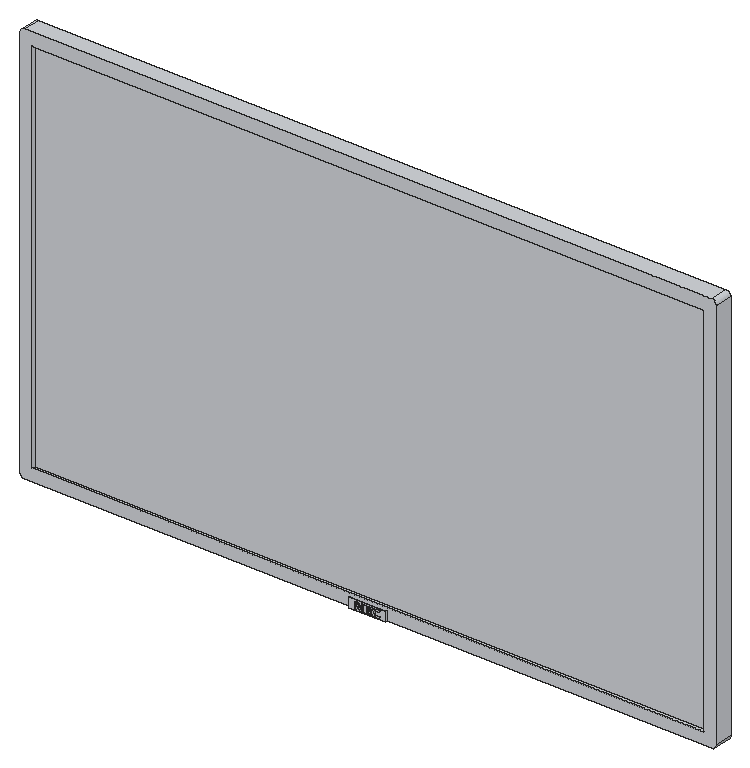
Revit family "P404", category Generic Models, Revit 2012
Parameters
  URL = "www.necdisplay.com"
  SENSORS- Temperature Sensor = "Integrated and programmable; linked to cooling fans"
  SENSORS- NFC Sensor = "Integrated; works in conjunction with free NEC Intelligent Wireless Data Application"
  SENSORS- Human Sensor = "Optional through KT-RC2 Accessory"
  SENSORS- Ambient Light Sensor = "Integrated and programmable"
  POWER CONSUMPTION- Speaker Rating = "Integrated 10W x 10W, Optional 15W x 2"
  POWER CONSUMPTION- On (Typ/Max) = "92W / 115W"
  POWER CONSUMPTION- Normal Standby = "< 0.5W"
  POWER CONSUMPTION- Network Standby = "3W"
  POWER CONSUMPTION- Current Rating = "2.9A - 1.2A @ 100V - 240V"
  PHYSICAL SPECS- Vesa Hole Configuration = "4x M6 x 12mm (300 x 300)"
  PHYSICAL SPECS- Net Weight (w/o Stand) = "31.5 lbs / 14.3 kg"
  PHYSICAL SPECS- Net Dimensions (w/o Stand, WxHxD) = "36.1 x 20.9 x 2.2 in. (918.0 x 530.6 x 54.7 mm)"
  PHYSICAL SPECS- Bezel Width = "13.2mm / 12.2mm/ 13.2mm/ 13.2mm"
  Model = "P404"  # constant formula
  Manufacturer = "NEC Display Solutions"  # constant formula
  LCD MODULE- Contras Ratio (Typical) = "4000:1"
  LCD MODULE- Viewing Angle = "178deg Vert., 178deg Hor (89U/89D/89L/89R) @ CR>10"
  LCD MODULE- Viewable Image Size = "40\""
  LCD MODULE- Panel Technology = "SPVA"
  LCD MODULE- Orientation = "Landscape, Portrait, Face Up, Face Down"
  LCD MODULE- Panel Haze = "25"
  LCD MODULE- Native Resolution = "-"
  LCD MODULE- Displayable Colors = "Over 1.07 Billion"
  LCD MODULE- Brightness (Typical/Minimum) = "550 cd/sqm / 700 cd/sqm"
  LCD MODULE- Aspect Ratio = "16 : 9"
  ENVIRONMENTAL CONDITIONS- Operating Temperature = "0 to 40 C"
  ENVIRONMENTAL CONDITIONS- Operating Humidity = "20 - 80%"
  ENVIRONMENTAL CONDITIONS- Operating Altitude = "3000m (9843ft)"
  Description = "40-in. Professional Displays Ideal for Digital Signage Applications"  # constant formula
  CONNECTIVITY- Output Terminals- External Control = "LAN (100mb)"
  CONNECTIVITY- Output Terminals- Digital = "DisplayPort (Outputs DisplayPort or OPS)"
  CONNECTIVITY- Output Terminals- Audio = "3.5mm Audio Mini Jack"
  CONNECTIVITY- Input Terminals- External Control = "LAN (100Mbit), 3.5 Mini Jack IR Remote, RS232C"
  CONNECTIVITY- Input Terminals- Digital = "HDMI 2.0 x2 (with HDCP), DVI-D (with HDCP), DisplayPort x2 (with HDCP)"
  CONNECTIVITY- Input Terminals- Data = "microSD (Media Player), USB 2.0 (Media Player), USB 2.0 (Service), USB Type-B (Upstream), USB 2.0 x2 (Compute Module, Powered 5V/2A)"
  CONNECTIVITY- Input Terminals- Audio = "3.5mm Audio Mini Jack x2, DisplayPort Audio x2, HDMI Audio x3"
  CONNECTIVITY- Input Terminals- Analog = "VGA 15-pin D-SUB, RCA Composite"
Reference planes (in)
  plane 1 "Center (Front/Back)": y = 0
  plane 2: z = 0
  plane 3 "Center (Left/Right)": x = 0
Forms (in)
  Extrusion 1, solid
    sketch origin (0, 0, 0) x (1, 0, 0) y (0, 0, 1)
      loop
        line (-18.07756, 20.65068) -> (-18.07756, 0.25)
        arc (-18.07756, 0.25) -> (-18.00434, 0.07322) -> (-17.82756, 0) r 0.25
        line (-17.82756, 0) -> (17.82756, 0)
        arc (17.82756, 0) -> (18.00434, 0.07322) -> (18.07756, 0.25) r 0.25
        line (18.07756, 0.25) -> (18.07756, 20.65068)
        arc (18.07756, 20.65068) -> (18.00434, 20.82746) -> (17.82756, 20.90068) r 0.25
        line (17.82756, 20.90068) -> (-17.82756, 20.90068)
        arc (-17.82756, 20.90068) -> (-18.00434, 20.82746) -> (-18.07756, 20.65068) r 0.25
    from 0 to 2.13283
  Extrusion 2, void
    sketch origin (0, 0, 0) x (0, 1, 0) y (0, 0, 1)
      loop
        line (-0.57764, 19.49274) -> (0, 17.37475) -> (1.5, 17.37475) -> (1.5, 21.87475) -> (-1.21456, 21.87475) -> (-1.21456, 20.62398)
        arc (-1.21456, 20.62398) -> (-0.83566, 20.09239) -> (-0.57764, 19.49274) r 3.07191
      loop
        line (-1.21456, 0.24718) -> (-1.21456, -1.97391) -> (1.5, -1.97391) -> (1.5, 3.52609) -> (0, 3.52609) -> (-0.57764, 1.37841)
        arc (-0.57764, 1.37841) -> (-0.83566, 0.77876) -> (-1.21456, 0.24718) r 3.07191
    from -20.28913 to 20.32771
  Extrusion 3, void
    sketch origin (0, 0, 0) x (1, 0, 0) y (0, 1, 0)
      loop
        line (-16.67711, -0.57764) -> (-14.55911, 0) -> (-14.55911, 1.25) -> (-19.55911, 1.25) -> (-19.55911, -1.21456) -> (-17.80834, -1.21456)
        arc (-17.80834, -1.21456) -> (-17.27675, -0.83566) -> (-16.67711, -0.57764) r 3.07191
      loop
        line (17.80834, -1.21456) -> (19.30911, -1.21456) -> (19.30911, 1.25) -> (14.55911, 1.25) -> (14.55911, 0) -> (16.67711, -0.57764)
        arc (16.67711, -0.57764) -> (17.27675, -0.83566) -> (17.80834, -1.21456) r 3.07191
    from -2.31426 to 21.87475
  Extrusion 4, void
    sketch origin (0, 0, 0) x (1, 0, 0) y (0, 0, 1)
      loop
        line (-17.44084, 20.26397) -> (-17.44084, 0.63672) -> (17.44084, 0.63672) -> (17.44084, 20.26397) -> (-17.44084, 20.26397)
    from 1.96829 to 2.49302
  Extrusion 5, void
    sketch origin (0, 0, 0) x (1, 0, 0) y (0, 0, 1)
      loop
        line (1.97721, 14.72346) -> (1.97721, 16.35277) -> (1.56246, 16.35277) -> (1.56246, 14.14582) -> (2.28824, 14.14582)
        arc (2.28824, 14.14582) -> (2.59421, 14.22313) -> (2.82145, 14.44211) r 0.61449
        line (2.82145, 14.44211) -> (3.9619, 15.73069) -> (3.9619, 14.14582) -> (4.37664, 14.14582) -> (4.37664, 16.35277) -> (3.60642, 16.35277)
        arc (3.60642, 16.35277) -> (3.43041, 16.28796) -> (3.28063, 16.17503) r 0.64199
        line (3.28063, 16.17503) -> (1.97721, 14.72346)
      loop
        line (-1.41462, 16.35277) -> (-1.41462, 16.04173) -> (0.27387, 16.04173) -> (0.27387, 15.47884) -> (-1.25164, 15.47884) -> (-1.25164, 15.1678) -> (0.27387, 15.1678) -> (0.27387, 14.70871)
        arc (0.27387, 14.70871) -> (0.16794, 14.52513) -> (-0.03717, 14.4717) r 0.27455
        line (-0.03717, 14.4717) -> (-1.42937, 14.4717) -> (-1.42937, 14.13107) -> (0.17025, 14.13107)
        arc (0.17025, 14.13107) -> (0.49037, 14.14231) -> (0.80708, 14.19025) r 2.78308
        arc (0.80708, 14.19025) -> (1.06595, 14.35496) -> (1.19223, 14.63459) r 0.53652
        line (1.19223, 14.63459) -> (1.19223, 16.35277) -> (-1.41462, 16.35277)
      loop
        arc (-2.37733, 16.31571) -> (-3.38087, 16.45908) -> (-4.3917, 16.38236) r 4.66657
        line (-4.3917, 16.38236) -> (-4.3917, 16.06018)
        arc (-4.3917, 16.06018) -> (-3.67838, 16.14501) -> (-2.96981, 16.02689) r 2.54199
        arc (-2.96981, 16.02689) -> (-2.55503, 15.27893) -> (-2.96981, 14.53097) r 0.88178
        arc (-2.96981, 14.53097) -> (-3.70002, 14.41118) -> (-4.43614, 14.48654) r 2.80452
        line (-4.43614, 14.48654) -> (-4.43614, 14.13107)
        arc (-4.43614, 14.13107) -> (-3.42678, 14.07254) -> (-2.42176, 14.18288) r 6.05192
        arc (-2.42176, 14.18288) -> (-1.59248, 15.23248) -> (-2.37733, 16.31571) r 1.10833
      loop
        arc (3.26579, 9.46717) -> (3.19257, 9.64394) -> (3.01579, 9.71717) r 0.25
        line (3.01579, 9.71717) -> (-3.01601, 9.71717)
        arc (-3.01601, 9.71717) -> (-3.19279, 9.64394) -> (-3.26601, 9.46717) r 0.25
        line (-3.26601, 9.46717) -> (-3.26601, 5.28684)
        arc (-3.26601, 5.28684) -> (-3.19279, 5.11007) -> (-3.01601, 5.03684) r 0.25
        line (-3.01601, 5.03684) -> (3.01579, 5.03684)
        arc (3.01579, 5.03684) -> (3.19257, 5.11007) -> (3.26579, 5.28684) r 0.25
        line (3.26579, 5.28684) -> (3.26579, 9.46717)
      loop
        line (13.07272, 15.83431) -> (7.24825, 15.83431)
        arc (7.24825, 15.83431) -> (7.07147, 15.76109) -> (6.99825, 15.58431) r 0.25
        line (6.99825, 15.58431) -> (6.99825, 9.89314)
        arc (6.99825, 9.89314) -> (7.07147, 9.71636) -> (7.24825, 9.64314) r 0.25
        line (7.24825, 9.64314) -> (13.07272, 9.64314)
        arc (13.07272, 9.64314) -> (13.2495, 9.71636) -> (13.32272, 9.89314) r 0.25
        line (13.32272, 9.89314) -> (13.32272, 15.58431)
        arc (13.32272, 15.58431) -> (13.2495, 15.76109) -> (13.07272, 15.83431) r 0.25
      loop
        arc (14.19656, 9.245) -> (14.12334, 9.42177) -> (13.94656, 9.495) r 0.25
        line (13.94656, 9.495) -> (6.84834, 9.495)
        arc (6.84834, 9.495) -> (6.67157, 9.42177) -> (6.59834, 9.245) r 0.25
        line (6.59834, 9.245) -> (6.59834, 5.42014)
        arc (6.59834, 5.42014) -> (6.67157, 5.24337) -> (6.84834, 5.17014) r 0.25
        line (6.84834, 5.17014) -> (13.94656, 5.17014)
        arc (13.94656, 5.17014) -> (14.12334, 5.24337) -> (14.19656, 5.42014) r 0.25
        line (14.19656, 5.42014) -> (14.19656, 9.245)
      loop
        line (-8.09634, 4.74056) -> (-8.09634, 16.16019)
        arc (-8.09634, 16.16019) -> (-8.44257, 16.50643) -> (-8.78881, 16.16019) r 0.34624
        line (-8.78881, 16.16019) -> (-8.78881, 4.74056)
        arc (-8.78881, 4.74056) -> (-8.44257, 4.39432) -> (-8.09634, 4.74056) r 0.34624
      loop
        circle (5.10243, 16.51566) r 0.37031
      loop
        circle (-5.1174, 16.51566) r 0.37031
      loop
        circle (-3.888, 8.39904) r 0.37031
      loop
        circle (3.87303, 8.39904) r 0.37031
    from 0 to 0.0251
  Extrusion 6, void
    sketch origin (0, 0, 0) x (1, 0, 0) y (0, 0, 1)
      loop
        line (9.49243, 1.30438) -> (5.9815, 1.30438)
        arc (5.9815, 1.30438) -> (5.87102, 1.25862) -> (5.82525, 1.14813) r 0.15625
        line (5.82525, 1.14813) -> (5.82525, 0.55711)
        arc (5.82525, 0.55711) -> (5.87102, 0.44663) -> (5.9815, 0.40086) r 0.15625
        line (5.9815, 0.40086) -> (9.4932, 0.40086)
        arc (9.4932, 0.40086) -> (9.60369, 0.44663) -> (9.64945, 0.55711) r 0.15625
        line (9.64945, 0.55711) -> (9.64945, 1.14736)
        arc (9.64945, 1.14736) -> (9.60346, 1.25839) -> (9.49243, 1.30438) r 0.15702
    from 0 to 1.21456
  Extrusion 7, solid
    sketch origin (0, -1.21456, 0) x (-1, 0, 0) y (0, 0, 1)
      loop
        circle (-9.17309, 0.87062) r 0.15232
      loop
        circle (-8.77318, 0.87062) r 0.15232
      loop
        circle (-8.38807, 0.87062) r 0.15232
      loop
        circle (-7.98817, 0.87062) r 0.15232
      loop
        circle (-7.59568, 0.87062) r 0.15232
      loop
        circle (-7.2032, 0.87062) r 0.15232
      loop
        circle (-6.80329, 0.87062) r 0.15232
      loop
        circle (-6.40338, 0.87062) r 0.15232
    from 0.04253 to 0.21072
  Extrusion 8, void
    sketch origin (0, -0.0251, 0) x (1, 0, 0) y (0, 0, 1)
      loop
        circle (5.10243, 16.51566) r 0.22578
      loop
        circle (-5.1174, 16.51566) r 0.22578
      loop
        circle (-3.888, 8.39904) r 0.22578
      loop
        circle (3.87303, 8.39904) r 0.22578
    from 0 to 0.55254
  Extrusion 9, void
    sketch origin (0, 0, 0) x (0, 1, 0) y (0, 0, 1)
      loop
        line (-1.21456, 16.09745) -> (-1.21456, 4.70547) -> (0.31121, 4.70547) -> (0.31121, 16.09745) -> (-1.21456, 16.09745)
    from 15.33726 to 20.32771
  Extrusion 10, void
    sketch origin (15.33726, 0, 0) x (0, -1, 0) y (0, 0, 1)
      loop
        line (1.1761, 10.93035) -> (0.73333, 10.93035) -> (0.73333, 10.33375) -> (1.1761, 10.33375) -> (1.1761, 10.93035)
      loop
        line (1.1761, 9.60226) -> (1.1761, 10.19886) -> (0.73333, 10.19886) -> (0.73333, 9.60226) -> (1.1761, 9.60226)
      loop
        circle (0.97789, 9.23768) r 0.22996
      loop
        line (1.15682, 8.73624) -> (0.69487, 8.73624) -> (0.69487, 8.48598) -> (1.15682, 8.48598) -> (1.15682, 8.73624)
      loop
        line (0.98359, 7.44661) -> (1.15682, 7.44661) -> (1.15682, 8.07214) -> (0.98359, 8.07214) -> (0.98359, 7.44661)
      loop
        line (0.69487, 11.08441) -> (1.15682, 11.08441) -> (1.15682, 11.33466) -> (0.69487, 11.33466) -> (0.69487, 11.08441)
      loop
        line (0.69487, 11.46932) -> (1.15682, 11.46932) -> (1.15682, 11.71958) -> (0.69487, 11.71958) -> (0.69487, 11.46932)
      loop
        line (0.81036, 11.85423) -> (1.1761, 11.85423) -> (1.1761, 12.25843) -> (0.81036, 12.25843) -> (0.81036, 11.85423)
      loop
        line (0.69487, 12.64346) -> (0.69487, 12.39321) -> (1.15682, 12.39321) -> (1.15682, 12.64346) -> (0.69487, 12.64346)
      loop
        circle (0.97535, 13.03358) r 0.15914
      loop
        line (0.81036, 13.37483) -> (1.13753, 13.37483) -> (1.13753, 13.68283) -> (0.81036, 13.68283) -> (0.81036, 13.37483)
      loop
        line (1.09907, 15.68455) -> (0.48319, 15.68455) -> (0.48319, 14.04846) -> (1.09907, 14.04846) -> (1.09907, 15.68455)
      loop
        line (1.1761, 5.7335) -> (0.9643, 5.7335) -> (0.9643, 5.1369) -> (1.1761, 5.1369) -> (1.1761, 5.7335)
      loop
        line (0.84882, 6.25318) -> (1.11836, 6.27247) -> (1.15682, 6.31092) -> (1.15682, 6.88847) -> (1.11836, 6.92692) -> (0.84882, 6.94621) -> (0.81036, 6.90764) -> (0.81036, 6.29175) -> (0.84882, 6.25318)
    from 0 to 0.29636
  Extrusion 11, solid
    sketch origin (0, 0, 0) x (1, 0, 0) y (0, 0, 1)
      loop
        line (-0.62552, 0.35099) -> (-0.62552, 0.03287) -> (-0.56574, 0.03287) -> (-0.56574, 0.26132) -> (-0.3892, 0.06185)
        arc (-0.3892, 0.06185) -> (-0.36013, 0.04045) -> (-0.32484, 0.03287) r 0.08594
        line (-0.32484, 0.03287) -> (-0.21987, 0.03287) -> (-0.21987, 0.35099) -> (-0.27965, 0.35099) -> (-0.27965, 0.11613) -> (-0.45743, 0.31411)
        arc (-0.45743, 0.31411) -> (-0.49484, 0.34135) -> (-0.54011, 0.35099) r 0.11112
        line (-0.54011, 0.35099) -> (-0.62552, 0.35099)
      loop
        line (0.20927, 0.35099) -> (-0.1665, 0.35099) -> (-0.1665, 0.11576)
        arc (-0.1665, 0.11576) -> (-0.1416, 0.05564) -> (-0.08147, 0.03074) r 0.08502
        line (-0.08147, 0.03074) -> (0.2114, 0.03074) -> (0.2114, 0.07984) -> (-0.00228, 0.07984)
        arc (-0.00228, 0.07984) -> (-0.02479, 0.08917) -> (-0.03412, 0.11168) r 0.03184
        line (-0.03412, 0.11168) -> (-0.03412, 0.18018) -> (0.18578, 0.18018) -> (0.18578, 0.22502) -> (-0.03412, 0.22502) -> (-0.03412, 0.30616) -> (0.20927, 0.30616) -> (0.20927, 0.35099)
      loop
        arc (0.63841, 0.35526) -> (0.4927, 0.36632) -> (0.34805, 0.34565) r 0.67267
        arc (0.34805, 0.34565) -> (0.23491, 0.18951) -> (0.35445, 0.03821) r 0.15976
        arc (0.35445, 0.03821) -> (0.49932, 0.0223) -> (0.64482, 0.03074) r 0.87237
        line (0.64482, 0.03074) -> (0.64482, 0.08198)
        arc (0.64482, 0.08198) -> (0.53871, 0.07112) -> (0.43345, 0.08838) r 0.40427
        arc (0.43345, 0.08838) -> (0.37366, 0.1962) -> (0.43345, 0.30402) r 0.12711
        arc (0.43345, 0.30402) -> (0.53559, 0.32104) -> (0.63841, 0.30882) r 0.36642
        line (0.63841, 0.30882) -> (0.63841, 0.35526)
    from 2.181 to 2.20958
  Extrusion 12, solid
    sketch origin (0, 0, 0) x (0, 1, 0) y (0, 0, 1)
      loop
        line (-2.181, 0.438) -> (-2.181, -0.04898) -> (-1.96891, -0.04898) -> (-1.96891, 0) -> (-2.13283, 0) -> (-2.13283, 0.438) -> (-2.181, 0.438)
    from -0.97198 to 0.97198
  Extrusion 13, void
    sketch origin (0, -1.21456, 20.90068) x (0, 0, 1) y (-1, 0, 0)
      loop
        line (-1.01537, -17.68859) -> (-1.96805, -17.68859)
        arc (-1.96805, -17.68859) -> (-2.03033, -17.67814) -> (-2.08579, -17.64796) r 0.19094
        line (-2.08579, -17.64796) -> (-2.23635, -17.53003)
        arc (-2.23635, -17.53003) -> (-2.27339, -17.49152) -> (-2.29831, -17.44425) r 0.19094
        line (-2.29831, -17.44425) -> (-2.4624, -16.98731)
        arc (-2.4624, -16.98731) -> (-2.53225, -16.89567) -> (-2.6421, -16.8609) r 0.19094
        line (-2.6421, -16.8609) -> (-3.55112, -16.8609)
        arc (-3.55112, -16.8609) -> (-3.66042, -16.89528) -> (-3.73036, -16.98603) r 0.19094
        line (-3.73036, -16.98603) -> (-3.78688, -17.13997)
        arc (-3.78688, -17.13997) -> (-3.85682, -17.23072) -> (-3.96612, -17.2651) r 0.19094
        line (-3.96612, -17.2651) -> (-4.7327, -17.2651) -> (-4.7327, -15.28256) -> (-16.10803, -15.28256) -> (-16.10803, -17.2651) -> (-16.96208, -17.2651)
        arc (-16.96208, -17.2651) -> (-17.05397, -17.24154) -> (-17.12317, -17.17667) r 0.19094
        line (-17.12317, -17.17667) -> (-17.26783, -16.94933)
        arc (-17.26783, -16.94933) -> (-17.33704, -16.88446) -> (-17.42892, -16.8609) r 0.19094
        line (-17.42892, -16.8609) -> (-18.27341, -16.8609)
        arc (-18.27341, -16.8609) -> (-18.38261, -16.89521) -> (-18.45256, -16.9858) r 0.19094
        line (-18.45256, -16.9858) -> (-18.66557, -17.56369)
        arc (-18.66557, -17.56369) -> (-18.73553, -17.65428) -> (-18.84473, -17.68859) r 0.19094
        line (-18.84473, -17.68859) -> (-19.9367, -17.68859)
        arc (-19.9367, -17.68859) -> (-20.07171, -17.63266) -> (-20.12764, -17.49765) r 0.19094
        line (-20.12764, -17.49765) -> (-20.12764, -17.40353)
        arc (-20.12764, -17.40353) -> (-20.18356, -17.26852) -> (-20.31857, -17.21259) r 0.19094
        line (-20.31857, -17.21259) -> (-20.38464, -17.21259)
        arc (-20.38464, -17.21259) -> (-20.51965, -17.15667) -> (-20.57557, -17.02166) r 0.19094
        line (-20.57557, -17.02166) -> (-20.57557, -15.62292)
        arc (-20.57557, -15.62292) -> (-20.54564, -15.52029) -> (-20.46523, -15.44983) r 0.19094
        line (-20.46523, -15.44983) -> (-19.48488, -14.99334)
        arc (-19.48488, -14.99334) -> (-19.40447, -14.92289) -> (-19.37454, -14.82025) r 0.19094
        line (-19.37454, -14.82025) -> (-19.37454, -5.23531) -> (-19.37454, -4.04632) -> (-16.21643, -4.04632) -> (-16.21643, 4.11249) -> (-20.61197, 4.11249) -> (-21.86197, 4.11249) -> (-21.86197, -20.17324) -> (1.13803, -20.17324) -> (1.13803, 19.20072) -> (-21.86197, 19.20072) -> (-21.86197, 4.20072) -> (-20.61197, 4.20072) -> (-20.61197, 7.16011) -> (-18.07129, 7.16011) -> (-18.07129, 9.93659) -> (-20.59758, 9.93659) -> (-20.59758, 13.05843)
        arc (-20.59758, 13.05843) -> (-20.5671, 13.16193) -> (-20.48537, 13.23238) r 0.19094
        line (-20.48537, 13.23238) -> (-20.16459, 13.37756)
        arc (-20.16459, 13.37756) -> (-20.03454, 13.57917) -> (-20.16459, 13.78077) r 0.22129
        line (-20.16459, 13.78077) -> (-20.48537, 13.92596)
        arc (-20.48537, 13.92596) -> (-20.5671, 13.99641) -> (-20.59758, 14.09991) r 0.19094
        line (-20.59758, 14.09991) -> (-20.59758, 17.11785)
        arc (-20.59758, 17.11785) -> (-20.54166, 17.25287) -> (-20.40665, 17.30879) r 0.19094
        line (-20.40665, 17.30879) -> (-20.32341, 17.30879)
        arc (-20.32341, 17.30879) -> (-20.1884, 17.36471) -> (-20.13248, 17.49973) r 0.19094
        line (-20.13248, 17.49973) -> (-20.13248, 17.59385)
        arc (-20.13248, 17.59385) -> (-20.07655, 17.72886) -> (-19.94154, 17.78479) r 0.19094
        line (-19.94154, 17.78479) -> (-18.88066, 17.78479)
        arc (-18.88066, 17.78479) -> (-18.7708, 17.75002) -> (-18.70096, 17.65838) r 0.19094
        line (-18.70096, 17.65838) -> (-18.49451, 17.0835)
        arc (-18.49451, 17.0835) -> (-18.42466, 16.99187) -> (-18.31481, 16.9571) r 0.19094
        line (-18.31481, 16.9571) -> (-17.40579, 16.9571)
        arc (-17.40579, 16.9571) -> (-17.29649, 16.99148) -> (-17.22655, 17.08223) r 0.19094
        line (-17.22655, 17.08223) -> (-17.04163, 17.58587)
        arc (-17.04163, 17.58587) -> (-16.94062, 17.71618) -> (-16.78329, 17.7655) r 0.2756
        line (-16.78329, 17.7655) -> (-15.19609, 17.7655)
        arc (-15.19609, 17.7655) -> (-15.09022, 17.73346) -> (-15.01988, 17.64809) r 0.19094
        line (-15.01988, 17.64809) -> (-14.91843, 17.40497)
        arc (-14.91843, 17.40497) -> (-14.69814, 17.20715) -> (-14.47784, 17.40497) r 0.22158
        line (-14.47784, 17.40497) -> (-14.37639, 17.64809)
        arc (-14.37639, 17.64809) -> (-14.30605, 17.73346) -> (-14.20018, 17.7655) r 0.19094
        line (-14.20018, 17.7655) -> (-6.76082, 17.7655)
        arc (-6.76082, 17.7655) -> (-6.65495, 17.73346) -> (-6.58461, 17.64809) r 0.19094
        line (-6.58461, 17.64809) -> (-6.48316, 17.40497)
        arc (-6.48316, 17.40497) -> (-6.26286, 17.20715) -> (-6.04256, 17.40497) r 0.22158
        line (-6.04256, 17.40497) -> (-5.94111, 17.64809)
        arc (-5.94111, 17.64809) -> (-5.87077, 17.73346) -> (-5.7649, 17.7655) r 0.19094
        line (-5.7649, 17.7655) -> (-4.17771, 17.7655)
        arc (-4.17771, 17.7655) -> (-4.02038, 17.71618) -> (-3.91936, 17.58587) r 0.2756
        line (-3.91936, 17.58587) -> (-3.73445, 17.08223)
        arc (-3.73445, 17.08223) -> (-3.66451, 16.99148) -> (-3.55521, 16.9571) r 0.19094
        line (-3.55521, 16.9571) -> (-2.64619, 16.9571)
        arc (-2.64619, 16.9571) -> (-2.53633, 16.99187) -> (-2.46648, 17.0835) r 0.19094
        line (-2.46648, 17.0835) -> (-2.30239, 17.54045)
        arc (-2.30239, 17.54045) -> (-2.27747, 17.58772) -> (-2.24043, 17.62623) r 0.19094
        line (-2.24043, 17.62623) -> (-2.08988, 17.74416)
        arc (-2.08988, 17.74416) -> (-2.03441, 17.77434) -> (-1.97213, 17.78479) r 0.19094
        line (-1.97213, 17.78479) -> (-1.01946, 17.78479)
        arc (-1.01946, 17.78479) -> (-0.88444, 17.72886) -> (-0.82852, 17.59385) r 0.19094
        line (-0.82852, 17.59385) -> (-0.82852, 17.49973)
        arc (-0.82852, 17.49973) -> (-0.7726, 17.36471) -> (-0.63758, 17.30879) r 0.19094
        line (-0.63758, 17.30879) -> (-0.55435, 17.30879)
        arc (-0.55435, 17.30879) -> (-0.41872, 17.25226) -> (-0.35933, 17.11785) r 0.19811
        line (-0.35933, 17.11785) -> (-0.35933, 5.33493)
        arc (-0.35933, 5.33493) -> (-0.38307, 5.24272) -> (-0.44838, 5.17345) r 0.19094
        line (-0.44838, 5.17345) -> (-0.8264, 4.93493)
        arc (-0.8264, 4.93493) -> (-0.93667, 4.73497) -> (-0.8264, 4.535) r 0.23644
        line (-0.8264, 4.535) -> (-0.44838, 4.29649)
        arc (-0.44838, 4.29649) -> (-0.38307, 4.22721) -> (-0.35933, 4.13501) r 0.19094
        line (-0.35933, 4.13501) -> (-0.35933, -4.03869)
        arc (-0.35933, -4.03869) -> (-0.38307, -4.1309) -> (-0.44838, -4.20017) r 0.19094
        line (-0.44838, -4.20017) -> (-0.8264, -4.43869)
        arc (-0.8264, -4.43869) -> (-0.93667, -4.63865) -> (-0.8264, -4.83862) r 0.23644
        line (-0.8264, -4.83862) -> (-0.44838, -5.07713)
        arc (-0.44838, -5.07713) -> (-0.38307, -5.14641) -> (-0.35933, -5.23861) r 0.19094
        line (-0.35933, -5.23861) -> (-0.35933, -17.02166)
        arc (-0.35933, -17.02166) -> (-0.41525, -17.15667) -> (-0.55027, -17.21259) r 0.19094
        line (-0.55027, -17.21259) -> (-0.6335, -17.21259)
        arc (-0.6335, -17.21259) -> (-0.76851, -17.26852) -> (-0.82444, -17.40353) r 0.19094
        line (-0.82444, -17.40353) -> (-0.82444, -17.49765)
        arc (-0.82444, -17.49765) -> (-0.88036, -17.63266) -> (-1.01537, -17.68859) r 0.19094
    from 0 to -3.24807
  Extrusion 14, void
    sketch origin (0, -1.96829, 0) x (-1, 0, 0) y (0, 0, 1)
      loop
        line (-14.72442, 1.52615) -> (-5.23531, 1.52615) -> (-5.23531, 3.9458) -> (-14.72442, 3.9458) -> (-14.72442, 1.52615)
    from 0.8814 to 4.0018
  Extrusion 15, solid
    sketch origin (0, -1.96829, 0) x (1, 0, 0) y (0, 0, 1)
      loop
        arc (9.55214, 1.04334) -> (9.49621, 1.17835) -> (9.3612, 1.23427) r 0.19094
        line (9.3612, 1.23427) -> (6.12245, 1.23427)
        arc (6.12245, 1.23427) -> (5.98744, 1.17835) -> (5.93152, 1.04334) r 0.19094
        line (5.93152, 1.04334) -> (5.93152, 0.61316)
        arc (5.93152, 0.61316) -> (5.98744, 0.47815) -> (6.12245, 0.42222) r 0.19094
        line (6.12245, 0.42222) -> (9.3612, 0.42222)
        arc (9.3612, 0.42222) -> (9.49621, 0.47815) -> (9.55214, 0.61316) r 0.19094
        line (9.55214, 0.61316) -> (9.55214, 1.04334)
      loop
        line (12.79962, 1.25117) -> (10.64797, 1.25117) -> (10.64797, 0.44484) -> (12.79962, 0.44484) -> (12.79962, 1.25117)
    from -0.79626 to -0.75373
Cuts and joins
  Extrusion 2, Extrusion 3, Extrusion 4, Extrusion 5, Extrusion 6, Extrusion 8, Extrusion 9, Extrusion 10, Extrusion 13, Extrusion 14 cuts Extrusion 1
Dimensions and locks (in)
  aligned and locked: plane 2 to level
  aligned and locked: Extrusion 1 sketch curve to level
  aligned and locked: Extrusion 3 to Extrusion 8
  aligned and locked: Extrusion 3 to Extrusion 9
